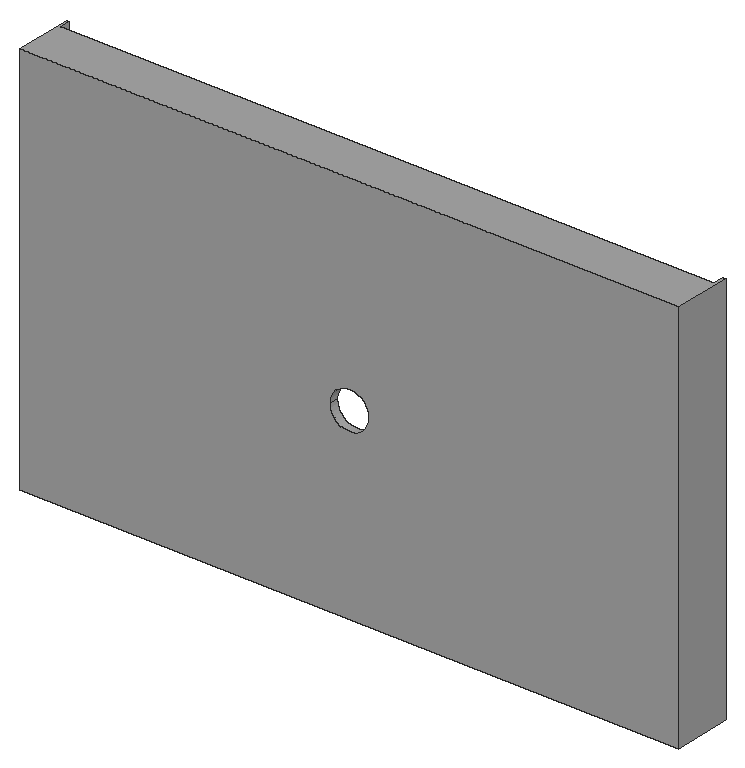
Revit family "Shower_Receptors-Willoughby-AS-S3636", category Plumbing Fixtures, Revit 2015
Parameters (values of type "36X36 (AS-S3636)")
  Width Half = Width / 2  # 1' - 6"
  Width = 3' - 0"
  Waste DIA = 3 1/2"
  Waste Connection = yes
  Vent Connection = no
  URL = "https://www.willoughby-ind.com/wp-content/uploads/2018/01/AS-S3636-48-60.pdf"
  Type Comments = ""
  Revision = "A"
  Model = "AS-S3636"
  Manufacturer = "Willoughby Industries"
  Height = 0' - 5 1/4"
  HW Connection = no
  Drain Distance = Width / 2  # 1' - 6"
  Description = "36x36 Shower Pan"
  Depth = 3' - 0"
  Default Elevation = 0' - 0"
  Contact Number = "(800) 428-4065"
  CW Connection = no
  Aquasurf Solid Surface = Solid Surface Acrylic Resin-Willoughby(1)
Reference planes (in)
  plane 1 "Center (Front/Back)": y = 0
  plane 2: z = 0
  plane 3 "Center (Left/Right)": x = 0
  plane 4: y = 5.25
  plane 5: z = 36
  plane 6: x = 24
  plane 7: x = -24
  plane 8: z = 17
Forms (in)
  Extrusion 1, solid, material "Solid Surface Acrylic Resin-Willoughby(1)" <- "Aquasurf Solid Surface"
    sketch origin (0, 0, 0) x (1, 0, 0) y (0, 0, 1)
      loop
        line (36, 0) -> (36, 36) -> (-24, 36) -> (-24, 0) -> (36, 0)
    from 0 to -5.25
  Extrusion 2, void, detail levels fine
    sketch origin (0, 0, 0) x (1, 0, 0) y (0, 0, 1)
      loop
        line (35.75, 36) -> (-23.75, 36) -> (-23.75, 0.25) -> (35.75, 0.25) -> (35.75, 36)
    from -5.25 to -4.25
  Extrusion 3, void, detail levels fine
    sketch origin (0, 0, 0) x (1, 0, 0) y (0, 0, 1)
      loop
        circle (6, 17) r 1.75
    from 0 to -4.25
  Extrusion 4, void, detail levels fine
    sketch origin (0, 0, 0) x (1, 0, 0) y (0, 0, 1)
      loop
        circle (6, 17) r 2.25
    from -0.75682 to -1
  Extrusion 5, void, detail levels fine
    sketch origin (0, 0, 0) x (1, 0, 0) y (0, 0, 1)
      loop
        arc (-20.75, 34) -> (-21.66753, 18.125) -> (-20.75, 2.25) r 137.79253
        line (-20.75, 2.25) -> (32.75, 2.25)
        arc (32.75, 2.25) -> (33.66753, 18.125) -> (32.75, 34) r 137.79253
        line (32.75, 34) -> (-20.75, 34)
    from -1 to -5.25
Cuts and joins
  Extrusion 2, Extrusion 3, Extrusion 4, Extrusion 5 cuts Extrusion 1
Lines and regions (in)
  symbolic lines
    curve 1: line (-24, 0, 0) -> (-24, 5.25, 0)
    curve 2: line (-24, 5.25, 0) -> (24, 5.25, 0)
    curve 3: line (24, 5.25, 0) -> (24, 0, 0)
    curve 4: line (24, 0, 0) -> (-24, 0, 0)
    curve 8: line (-24, 0, 0) -> (24, 0, 0)
    curve 9: line (24, 0, 0) -> (24, 0, 36)
    curve 10: line (24, 0, 36) -> (-24, 0, 36)
    curve 11: line (-24, 0, 36) -> (-24, 0, 0)
    curve 21: line (0, 5.25, 36) -> (0, 0, 36)
    curve 22: line (0, 0, 36) -> (0, 0, 0)
    curve 23: line (0, 0, 0) -> (0, 5.25, 0)
    curve 24: line (0, 5.25, 0) -> (0, 5.25, 36)
  symbolic lines, detail levels medium+fine
    curve 5: line (-23.75, 5.25, 0) -> (-23.75, 3.5, 0)
    curve 6: line (-23.75, 3.5, 0) -> (23.75, 3.5, 0)
    curve 7: line (23.75, 3.5, 0) -> (23.75, 5.25, 0)
    curve 12: line (-23.75, 0, 36) -> (-23.75, 0, 0.25)
    curve 13: line (-23.75, 0, 0.25) -> (23.75, 0, 0.25)
    curve 14: line (23.75, 0, 0.25) -> (23.75, 0, 36)
  symbolic lines, detail levels fine
    curve 15: line (20.75, 0, 34) -> (-20.75, 0, 34)
    curve 16: arc (-20.75, 0, 34) -> (-21.66753, 0, 18.125) -> (-20.75, 0, 2.25) r 137.79253
    curve 17: line (-20.75, 0, 2.25) -> (20.75, 0, 2.25)
    curve 18: arc (20.75, 0, 2.25) -> (21.66753, 0, 18.125) -> (20.75, 0, 34) r 137.79253
    curve 19: circle (0, 0, 17) r 1.75 normal (0, -1, 0)
    curve 20: circle (0, 0, 17) r 2.25 normal (0, -1, 0)
Dimensions and locks (in)
  "Height": plane 4 to plane 1 "Center (Front/Back)"
  plane 6 to plane 7 = 4' - 0"
  "Depth": level to plane 5
  locked: level to plane 8 at 17
  plane 7 to plane 6 = 4' - 0"
  "Height": plane 1 "Center (Front/Back)" to plane 4
  "Depth": plane 5 to level
  plane 3 "Center (Left/Right)" to plane 7 = 2' - 0"
  aligned and locked: Extrusion 1 to plane 7
  aligned and locked: Extrusion 1 to level
  aligned and locked: plane 5 to Extrusion 1
  aligned and locked: Extrusion 1 to plane 4
  aligned and locked: plane 1 "Center (Front/Back)" to Extrusion 1
  aligned and locked: plane 5 to Extrusion 2
  aligned and locked: Extrusion 2 to plane 4
  aligned and locked: plane 8 to Extrusion 3 sketch curve
  aligned and locked: plane 8 to Extrusion 4 sketch curve
  aligned and locked: Extrusion 5 to plane 4
  aligned and locked: Extrusion 5 to Extrusion 4
Automatic sketch dimensions
  plane 1 "Center (Front/Back)" to curve 1 = 0' - 0"
  curve 1 to plane 7 = 0' - 0"
  plane 4 to curve 5 = 0' - 0"
  curve 4 to plane 6 = 0' - 0"
  plane 7 to curve 6 = 0' - 0 1/4"
  curve 5 to curve 5 = 0' - 1 3/4"
  curve 6 to plane 6 = 0' - 0 1/4"
  curve 19 to curve 20 = 0' - 0"  (x2)
  curve 12 to plane 5 = 0' - 0"
  curve 19 to plane 3 "Center (Left/Right)" = 0' - 0"
  curve 19 to plane 8 = 0' - 0"
  curve 18 to plane 8 = 0' - 1 1/8"
  curve 18 to plane 7 = 7' - 8 1/8"
  plane 7 to curve 13 = 0' - 0 1/4"
  plane 7 to curve 17 = 0' - 3 1/4"
  curve 15 to plane 5 = 0' - 2"
  curve 12 to curve 15 = 0' - 3"
  curve 17 to plane 6 = 0' - 3 1/4"
  curve 14 to plane 6 = 0' - 0 1/4"
  plane 6 to curve 16 = 7' - 8 1/8"
  level to curve 13 = 0' - 0 1/4"
  curve 21 to plane 1 "Center (Front/Back)" = 0' - 0"
  curve 24 to level = 0' - 0"
  curve 24 to plane 4 = 0' - 0"
  curve 22 to plane 5 = 0' - 0"
  curve 8 to level = 0' - 0"
  curve 9 to plane 6 = 0' - 0"
  curve 15 to curve 14 = 0' - 3"
  curve 11 to plane 7 = 0' - 0"
  Extrusion 1 sketch curve to level = 0' - 0"
  Extrusion 1 sketch curve to plane 7 = 0' - 0"
  plane 6 to Extrusion 1 sketch curve = 1' - 0"
  Extrusion 1 sketch curve to plane 5 = 0' - 0"
  Extrusion 2 sketch curve to plane 5 = 0' - 0"
  plane 7 to Extrusion 2 sketch curve = 0' - 0 1/4"
  plane 6 to Extrusion 2 sketch curve = 0' - 11 3/4"
  level to Extrusion 2 sketch curve = 0' - 0 1/4"
  plane 6 to Extrusion 5 sketch curve = 0' - 8 3/4"
  Extrusion 5 sketch curve to plane 5 = 0' - 2"
  plane 7 to Extrusion 5 sketch curve = 0' - 3 1/4"
  level to Extrusion 5 sketch curve = 0' - 2 1/4"
  Extrusion 5 sketch curve to plane 3 "Center (Left/Right)" = 1' - 8 3/4"
  Extrusion 5 sketch curve to plane 7 = 6' - 8 1/8"
  plane 6 to Extrusion 5 sketch curve = 7' - 8 1/8"
  Extrusion 5 sketch curve to Extrusion 5 sketch curve = 0' - 0"
  plane 3 "Center (Left/Right)" to Extrusion 3 sketch curve = 0' - 6"
  plane 3 "Center (Left/Right)" to Extrusion 4 sketch curve = 0' - 6"
  radius of Extrusion 4 sketch curve = 0' - 2 1/4"
  radius of curve 19 = 0' - 1 3/4"
  radius of curve 20 = 0' - 2 1/4"
  radius of Extrusion 3 sketch curve = 0' - 1 3/4"
Connectors (in)
  piping at (6, 0.75682, 17), diameter 3.5, driven by "Waste Connection", driven by "Waste DIA"
    settings: on cut or joined group of Extrusion 1, Extrusion 2, Extrusion 3, Extrusion 4, Extrusion 5, index 1, connector inside diameter 3 1/2", connector length 0' - 0", flow factor 0, pipe flow 0 GPM, pressure drop 0.00 psi, fitting loss kfactor 0, connector angle 0.00°, fixture units 0, engagement length 0' - 0", angle of deflection 0.00°, flow configuration 0, flow direction 2, fitting loss method 0, system type 16, joint type 0, gender type 0, connector reference index -1, connector utility 1, adjustable connector yes, is connector primary yes, connector description "Shower Drain"
